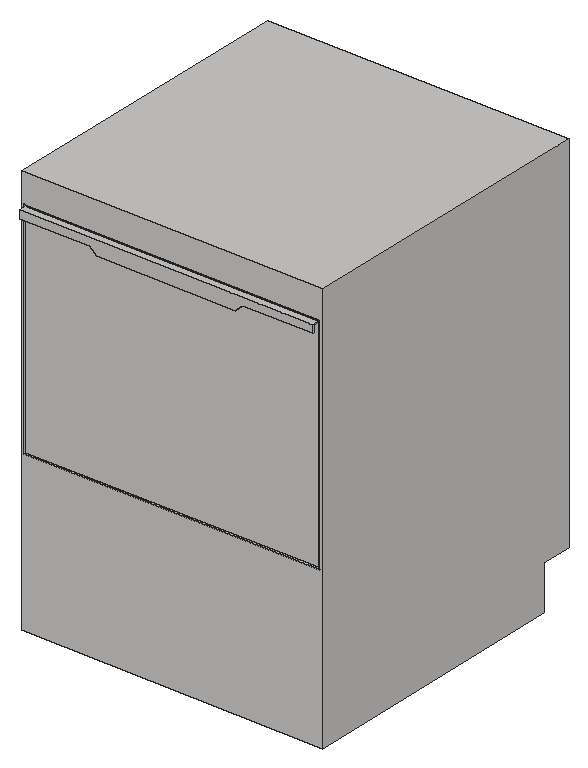
Revit family "QF_ELECTROLUXPROFESSIONAL_400220_ELA3G", category Specialty Equipment, Revit 2018
Family settings
  Round Connector Dimension = Use Diameter
  Part Type = Normal
  Work Plane-Based = No
  Always vertical = Yes
  Cut with Voids When Loaded = No
  Shared = No
  Room Calculation Point = No
Parameters
  Weight = 60.00 kg
  Watts = 0 W
  Volts = 0 V
  URL Manufacturer = ""
  URL = "http://professional.electrolux.com/"
  Steam Supply Size = 0 mm
  Steam Supply Minimum Pressure = 0.0 Pa
  Steam Supply Maximum Pressure = 0.0 Pa
  Steam Pounds per Hour = 0
  Show Logo [instance] = yes
  Show Clearance [instance] = yes
  Refrigeration Suction Line Size = 0 mm
  Refrigeration Liquid Line Size = 0 mm
  Refrigerant Compressor Remote = yes
  Manufacturer = ""
  Phase = 0
  Model = ""
  Length Actual = 600 mm  # constant formula
  Item Number = ""
  Hot Water Size = 0 mm
  Height Actual = 820 mm  # constant formula
  HP = "7.2 HP"
  Gas Size = 0 mm
  Gas KW = 0
  Gas Input Pressure = 0 W
  Direct Waste Size = 40 mm
  Description = ""
  Depth Actual = 648 mm  # constant formula
  Cycle = 0 Hz
  Condensate Return Size = 0 mm
  Compressed Air Volume = 0.0 L/s
  Compressed Air Size = 0 mm
  Compressed Air Pressure = 0.0 Pa
  Cold Water Size = 0 mm
  Accessory = yes
Types (2, lengths in mm): name | Volts | URL Manufacturer | URL | Manufacturer | Phase | Model | Item Number | Hot Water Size | Description | Cycle
  (no name) | 0 V | "" | "http://professional.electrolux.com/" | "" | 0 | "" | "" | 0 | "" | 0 Hz
  Standard | 400 V | "http://professional.electrolux.com" | "http://professional.electrolux.com" | "Electrolux Professional" | 3 | "ELA3G" | "400220" | 19.05 | "UNDERCOUNTER(L), WASH-SAFE, 3PH, DP, DD, 48R/H" | 50 Hz
Reference planes
  plane 1 "Center (Front/Back)": y = 0
  plane 2: z = 0
  plane 3 "Center (Left/Right)": x = 0
  plane 4 "LEFT": x = -300
  plane 5 "RIGHT": x = 300
  plane 6 "FRONT": y = -306
  plane 7 "BACK": y = 306
  plane 8: x = -202.5
  plane 9: x = 202.5
  plane 10: z = 830
  plane 11: z = 10
Forms (mm)
  Extrusion 1, solid, material "QF_Finishes_Stainless Steel"
    sketch origin (0, 0, 0) x (1, 0, 0) y (0, 1, 0)
      loop
        line (-300, -306) -> (300, -306) -> (300, 245) -> (-300, 245) -> (-300, -306)
    from 10 to 830
  Extrusion 2, solid, material "QF_Finishes_Stainless Steel"
    sketch origin (0, 0, 0) x (1, 0, 0) y (0, 1, 0)
      loop
        line (-300, 245) -> (300, 245) -> (300, 306) -> (-300, 306) -> (-300, 245)
    from 100 to 830
  Extrusion 3, solid, material "QF_Finishes_Stainless Steel"
    sketch origin (0, 17.5, 0) x (1, 0, 0) y (0, 1, 0)
      loop
        circle (-254, 167.5) r 12.5
      loop
        circle (254, 167.5) r 12.5
      loop
        circle (-254, -263.5) r 12.5
      loop
        circle (254, -263.5) r 12.5
    from 0 to 10
  Extrusion 4, void
    sketch origin (-300, -306, 0) x (-1, 0, 0) y (0, 0, 1)
      loop
        line (-5, 773.217) -> (-595, 773.217) -> (-595, 327.335) -> (-5, 327.335) -> (-5, 773.217)
    from 0 to 30
  Extrusion 5, solid, material "QF_Finishes_Stainless Steel"
    sketch origin (-259, -389, 768) x (0, 0, -1) y (1, 0, 0)
      loop
        circle (693, 143) r 10
    from -634 to -695
  Extrusion 6, solid, material "QF_Door-Drawer Clearances", visible <- "Show Clearance", detail levels coarse
    sketch origin (-230, -282.5, 0) x (0, 1, 0) y (0, 0, -1)
      loop
        line (-23.5, -330.419) -> (-391.5, -330.419)
        arc (-391.5, -330.419) -> (-290.693, -619.855) -> (-23.5, -770) r 432.894
        line (-23.5, -770) -> (-23.5, -330.419)
    from 61.197 to -521.306
  Extrusion 7, solid, material "QF_Finishes_Stainless Steel"
    sketch origin (-315.481, -389, 738) x (0, 0, -1) y (1, 0, 0)
      loop
        circle (663, 252.481) r 8
    from -634 to -695
  Extrusion 8, solid, material "QF_Finishes_Stainless Steel"
    sketch origin (-230, -282.5, 0) x (0, 1, 0) y (0, 0, -1)
      loop
        line (-23.5, -330.419) -> (-23.5, -770) -> (1.5, -770) -> (1.5, -330.419) -> (-23.5, -330.419)
    from 61.197 to -521.306
  Extrusion 9, solid, material "QF_Finishes_Stainless Steel"
    sketch origin (-230, -297.5, 0) x (0, 1, 0) y (0, 0, -1)
      loop
        line (-8.5, -770) -> (-8.5, -767.514) -> (-21, -767.514) -> (-21, -741.25) -> (-23.5, -741.25) -> (-23.5, -770) -> (-8.5, -770)
    from 61.197 to -521.306
  Extrusion 10, void
    sketch origin (-230, -321, 770) x (0, 0, 1) y (1, 0, 0)
      loop
        line (-15.552, -61.197) -> (-15.552, 77.909) -> (-28.75, 91.107) -> (-28.75, -61.197) -> (-15.552, -61.197)
      loop
        line (-15.552, 521.197) -> (-28.75, 521.197) -> (-28.75, 368.893) -> (-15.552, 382.091) -> (-15.552, 521.197)
    from 0 to 2.5
  Extrusion 11, solid, material "QF_Finishes_Stainless Steel"
    sketch origin (-295.988, 885.897, 763.79) x (0, -1, 0) y (1, 0, 0)
      loop
        circle (611.5, 158) r 8
    from -663.79 to -673.79
Cuts and joins
  Extrusion 4 cuts Extrusion 1
  joined: Extrusion 1, Extrusion 2
  Extrusion 10 cuts Extrusion 8
  Extrusion 10 cuts Extrusion 9
Lines and regions (mm)
  Split face 1
    outline origin (-300, -306, 830) x (0, 0, -1) y (1, 0, 0)
      loop
        line (21.579, 283.75) -> (39.683, 283.75) -> (39.683, 316.25) -> (21.579, 316.25) -> (21.579, 283.75)
  Split face 2
    outline origin (-300, -306, 830) x (0, 0, -1) y (1, 0, 0)
      loop
        line (56.783, 595) -> (56.783, 600)
      loop
        arc (56.783, 412.5) -> (28.391, 440.891) -> (0, 412.5) r 28.391
  symbolic lines
    curve 1: line (-300, 306, 0) -> (300, 306, 0)
    curve 2: line (-300, -306, 0) -> (-300, 306, 0)
    curve 3: line (300, -306, 0) -> (-300, -306, 0)
    curve 4: line (300, 306, 0) -> (300, -306, 0)
    curve 9: line (-291.197, -306, 0) -> (-291.197, -321, 0)
    curve 10: line (291.306, -321, 0) -> (291.306, -306, 0)
    curve 11: line (-291.197, -321, 0) -> (291.306, -321, 0)
  symbolic lines, style "QF_Door-Drawer Clearances"
    curve 5: line (-291.197, -674, 0) -> (291.306, -674, 0)
    curve 6: line (291.306, -674, 0) -> (291.306, -306, 0)
    curve 7: line (-291.197, -674, 0) -> (-291.197, -306, 0)
  symbolic lines, style "SpecialityEquipmentHiddenLines"
    curve 8: line (-300, 245, 0) -> (300, 245, 0)
Dimensions and locks
  equal spacing: plane 4 "LEFT", plane 3 "Center (Left/Right)", plane 5 "RIGHT"
  equal spacing: plane 7 "BACK", plane 1 "Center (Front/Back)", plane 6 "FRONT"
  plane 7 "BACK" to plane 6 "FRONT" = 612 mm
  plane 4 "LEFT" to plane 5 "RIGHT" = 600 mm
  plane 4 "LEFT" to plane 8 = 97.5 mm
  plane 9 to plane 5 "RIGHT" = 97.5 mm
  plane 11 to level = 10 mm
  plane 4 "LEFT" to plane 3 "Center (Left/Right)" = 300 mm
  plane 10 to level = 830 mm  (x2)
  plane 8 to plane 9 = 405 mm
  Extrusion 11 sketch curve to plane 4 "LEFT" = 162.012 mm
  level to Extrusion 5 sketch curve = 75 mm
  Extrusion 5 sketch curve to plane 4 "LEFT" = 184 mm
  Extrusion 7 sketch curve to plane 4 "LEFT" = 237 mm
  level to Extrusion 7 sketch curve = 75 mm
  Extrusion 3 to cut or joined group of Extrusion 1, Extrusion 2, Extrusion 4 = 121 mm
  Extrusion 3 to Extrusion 3 = 431 mm
  plane 6 "FRONT" to Extrusion 3 = 60 mm
  plane 9 to plane 8 = 405 mm
  plane 7 "BACK" to curve 5 = 980 mm
  cut or joined group of Extrusion 1, Extrusion 2, Extrusion 4 to level = 327.335 mm
  aligned and locked: level to plane 2
  aligned and locked: Extrusion 1 sketch curve to plane 6 "FRONT"
  aligned and locked: Extrusion 1 sketch curve to plane 4 "LEFT"
  aligned and locked: plane 5 "RIGHT" to Extrusion 1 sketch curve
  aligned and locked: Extrusion 1 to plane 11
  aligned and locked: Extrusion 2 sketch curve to Extrusion 1
  aligned and locked: plane 5 "RIGHT" to Extrusion 2 sketch curve
  aligned and locked: plane 11 to Extrusion 3
  aligned and locked: cut or joined group of Extrusion 9, Extrusion 10 to Extrusion 10
Automatic sketch dimensions
  Extrusion 1 sketch curve to plane 7 "BACK" = 61 mm
  Extrusion 3 sketch curve to plane 8 = 51.5 mm  (x2)
  plane 9 to Extrusion 3 sketch curve = 51.5 mm  (x2)
  plane 6 "FRONT" to Extrusion 3 sketch curve = 60 mm  (x2)
  Extrusion 3 sketch curve to plane 7 "BACK" = 121 mm  (x2)
  Extrusion 4 sketch curve to Extrusion 1 = 5 mm  (x2)
  Extrusion 4 sketch curve to Extrusion 1 = 317.335 mm
  Extrusion 4 sketch curve to Extrusion 1 = 56.783 mm
  plane 6 "FRONT" to Extrusion 8 sketch curve = 0 mm
  Extrusion 8 sketch curve to Extrusion 8 sketch curve = 25 mm
  Extrusion 9 sketch curve to plane 6 "FRONT" = 15 mm
  Extrusion 9 sketch curve to Extrusion 9 sketch curve = 2.5 mm
  Extrusion 9 sketch curve to Extrusion 9 sketch curve = 12.5 mm
  Extrusion 9 sketch curve to plane 10 = 60 mm
  Extrusion 9 sketch curve to Extrusion 9 sketch curve = 2.486 mm
  Extrusion 9 sketch curve to Extrusion 9 sketch curve = 26.264 mm
  Extrusion 2 sketch curve to Extrusion 2 sketch curve = 61 mm
  Split face 1 sketch curve to cut or joined group of Extrusion 1, Extrusion 2, Extrusion 4 = 21.579 mm
  Split face 1 sketch curve to Split face 1 sketch curve = 18.104 mm
  Split face 1 sketch curve to cut or joined group of Extrusion 1, Extrusion 2, Extrusion 4 = 278.75 mm
  Split face 1 sketch curve to Split face 1 sketch curve = 32.5 mm
  plane 11 to Extrusion 8 sketch curve = 320.419 mm
  Extrusion 8 sketch curve to plane 10 = 60 mm
  Extrusion 10 sketch curve to Extrusion 9 = 0 mm  (x2)
  Extrusion 9 to Extrusion 10 sketch curve = 0 mm
  Extrusion 10 sketch curve to Extrusion 9 = 13.198 mm  (x2)
  Extrusion 10 sketch curve to Extrusion 9 = 139.107 mm
  Extrusion 10 sketch curve to Extrusion 10 sketch curve = 13.198 mm  (x2)
  Extrusion 10 sketch curve to Extrusion 9 = 152.413 mm
  Extrusion 10 sketch curve to Extrusion 9 = 0.109 mm
  curve 3 to plane 4 "LEFT" = 0 mm
  curve 7 to plane 6 "FRONT" = 0 mm
  curve 4 to plane 5 "RIGHT" = 0 mm
  curve 2 to plane 7 "BACK" = 0 mm
  plane 4 "LEFT" to curve 5 = 8.803 mm
  curve 5 to plane 5 "RIGHT" = 8.694 mm
  plane 4 "LEFT" to curve 11 = 8.803 mm
  curve 10 to plane 5 "RIGHT" = 8.694 mm
  curve 11 to plane 6 "FRONT" = 15 mm
  curve 8 to plane 7 "BACK" = 61 mm
  Extrusion 2 sketch curve to plane 7 "BACK" = 0 mm
  Split face 2 sketch curve to cut or joined group of Extrusion 1, Extrusion 2, Extrusion 4 = 0 mm  (x5)
  Split face 2 sketch curve to cut or joined group of Extrusion 1, Extrusion 2, Extrusion 4 = 182.5 mm
  Extrusion 11 sketch curve to plane 7 "BACK" = 31.603 mm
  Extrusion 6 sketch curve to plane 6 "FRONT" = 0 mm
  plane 6 "FRONT" to Extrusion 6 sketch curve = 64.74 mm
  plane 11 to Extrusion 6 sketch curve = 331.974 mm
  Extrusion 6 sketch curve to Extrusion 6 sketch curve = 11.555 mm
  Extrusion 6 sketch curve to plane 6 "FRONT" = 368 mm
  radius of Extrusion 5 sketch curve = 10 mm
  radius of Extrusion 7 sketch curve = 8 mm
  radius of Extrusion 3 sketch curve = 12.5 mm  (x4)
  radius of Extrusion 11 sketch curve = 8 mm
Connectors
  piping at (-116, 306, 75), diameter 20
    settings: on Extrusion 5, index 1, connector inside diameter 609.6 mm, connector length 0 mm, flow factor 0, pipe flow 0.0 L/s, pressure drop 0.0 Pa, fitting loss kfactor 0, connector angle 0.00°, fixture units 0, engagement length 0 mm, angle of deflection 0.00°, flow configuration 1, flow direction 1, fitting loss method 0, system type 16, joint type 0, gender type 0, connector reference index -1, connector utility 0, adjustable connector no, is connector primary yes, connector description "Drain"
  piping at (-63, 306, 75), diameter 16
    settings: on Extrusion 7, index 3, connector inside diameter 609.6 mm, connector length 0 mm, flow factor 0, pipe flow 0.0 L/s, pressure drop 0.0 Pa, fitting loss kfactor 0, connector angle 0.00°, fixture units 0, engagement length 0 mm, angle of deflection 0.00°, flow configuration 1, flow direction 1, fitting loss method 0, system type 20, joint type 0, gender type 0, connector reference index -1, connector utility 0, adjustable connector no, is connector primary no, connector description "Cold Water Inlet"
  electrical at (-137.988, 274.397, 90), driven by "Volts"
    settings: on Extrusion 11, index 4, voltage 0 V, apparent load 0 VA, apparent load phase1 0 VA, apparent load phase2 0 VA, apparent load phase3 0 VA, power factor 1, load classification "Altro", number of poles 1, system type 31, power factor state 1, is connector primary yes, connector utility no, sub classification motor no, connector description "Electrical Connection"
